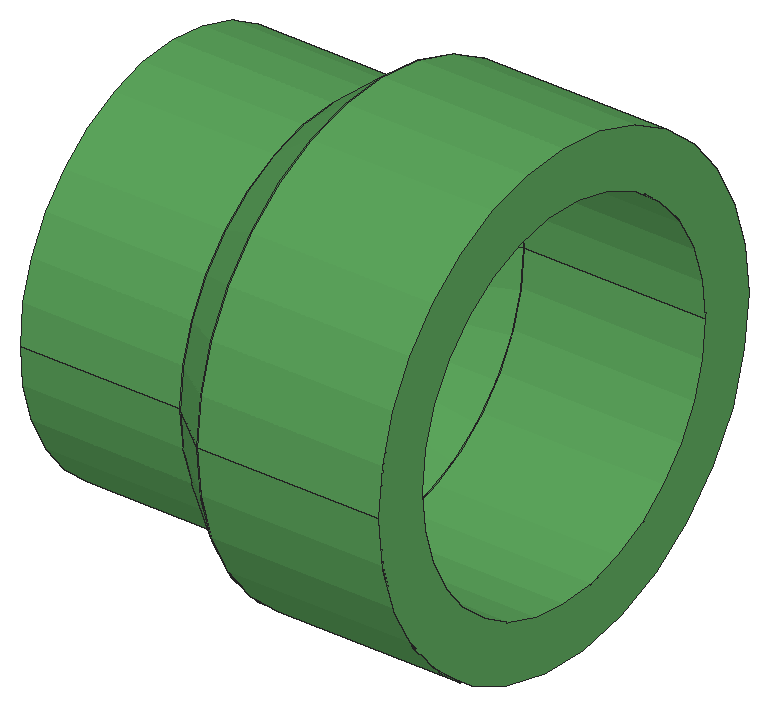
Revit family "Aquatherm_Переходная муфта внутр._внутр", category Соединительные детали трубопроводов, Revit 2019
Family settings
  Размер круглого соединителя = Использовать диаметр
  Тип детали = Переход
  На основе рабочей плоскости = Нет
  Всегда вертикально = Да
  При загрузке вырезать с полостями = Нет
  Общий = Нет
Parameters (values of type "SDR 9")
  Материал_Корпус = AquaTherm green pipe
  z [instance] = size_lookup("Переходная муфта внутр._внутр.", "z", 10 mm, d, d1)  # 5.5 mm
  l1 [instance] = if(d < d1, L - l - z, l)  # 18 mm
  l [instance] = size_lookup("Переходная муфта внутр._внутр.", "l", 25 mm, d, d1)  # 20.5 mm
  URL = "www.agpipe.ru"
  SDR = 9 mm
  L [instance] = size_lookup("Переходная муфта внутр._внутр.", "L", 50 mm, d, d1)  # 44 mm
  d1 [instance] = 40 mm
  d [instance] = 32 mm
  D1 [instance] = size_lookup("Переходная муфта внутр._внутр.", "D1", d1 + 12 mm, d, d1)  # 52 mm
  D [instance] = size_lookup("Переходная муфта внутр._внутр.", "D", d + 12 mm, d, d1)  # 43 mm
  ADSK_Примечание = ""
  ADSK_Позиция [instance] = ""
  ADSK_Обозначение = ""
  ADSK_Наименование [instance] = size_lookup("Переходная муфта внутр._внутр.", "ADSK_Наименование", "Нет в каталоге", d, d1)  # "Переходная муфта внутр. DN32/ внутр. DN40"
  ADSK_Масса_Текст [instance] = size_lookup("Переходная муфта внутр._внутр.", "ADSK_Масса_Текст", "Нет в каталоге", d, d1)  # "0.035"
  ADSK_Код изделия [instance] = size_lookup("Переходная муфта внутр._внутр.", "ADSK_Код изделия", "Нет в каталоге", d, d1)  # "11222"
  ADSK_Завод-изготовитель = "Aquatherm"  # constant formula
  ADSK_Единица измерения = "шт."  # constant formula
Types (6, lengths in mm): name | SDR
  (no name) | 9
  SDR 6 | 6
  SDR 7.4 | 7.4
  SDR 9 | 9
  SDR 11 | 11
  SDR 17.6 | 17.6
Reference planes
  plane 1 "По центру (Вперед/Назад)": y = 0
  plane 2: z = 0
  plane 3 "По центру (Влево/Вправо)": x = 0
  plane 4: z = -2
  plane 5: x = -22
  plane 6: x = 22
  plane 7: x = -4
  plane 8: x = 1.5
Forms (mm)
  Extrusion 1, solid, material "AquaTherm green pipe" <- "Материал_Корпус"
    sketch origin (0, 0, 0) x (0, 1, 0) y (0, 0, 1)
      loop
        circle (0, 0) r 21.5
      loop
        circle (0, 0) r 16
    from -22 to -4
  Extrusion 2, solid, material "AquaTherm green pipe" <- "Материал_Корпус"
    sketch origin (0, 0, 0) x (0, 1, 0) y (0, 0, 1)
      loop
        circle (0, 0) r 26
      loop
        circle (0, 0) r 20
    from 1.5 to 22
  Blend 3, solid, material "AquaTherm green pipe" <- "Материал_Корпус"
    base sketch origin (0, 0, 0) x (0, 1, 0) y (0, 0, 1)
      loop
        circle (0, 0) r 21.5
    top sketch origin (0, 0, 0) x (0, 1, 0) y (0, 0, 1)
      loop
        circle (0, 0) r 26
    from -4 to 1.5
  Blend 4, void
    base sketch origin (0, 0, 0) x (0, 1, 0) y (0, 0, 1)
      loop
        circle (0, 0) r 16
    top sketch origin (0, 0, 0) x (0, 1, 0) y (0, 0, 1)
      loop
        circle (0, 0) r 20
    from -4 to 1.5
Cuts and joins
  Blend 4 cuts Extrusion 2
  Blend 4 cuts Blend 3
Lines and regions (mm)
  reference lines
    curve 1: line (-4, 0, 0) -> (1.5, 0, 0)
Dimensions and locks
  locked: level to plane 4 at 2
  equal spacing: plane 5, plane 3 "По центру (Влево/Вправо)", plane 6
  "L": plane 5 to plane 6
  "l1": plane 5 to plane 7
  "z": plane 7 to plane 8
  "D": diameter of Extrusion 1 sketch curve
  "d": diameter of Extrusion 1 sketch curve
  "d1": diameter of Extrusion 2 sketch curve
  "D1": diameter of Extrusion 2 sketch curve
  "D": diameter of Blend 3 sketch curve
  "D1": diameter of Blend 3 sketch curve
  "d": diameter of Blend 4 sketch curve
  "d1": diameter of Blend 4 sketch curve
  aligned and locked: level to plane 2
  aligned and locked: plane 7 to curve 1
  aligned and locked: plane 8 to curve 1
  aligned and locked: Extrusion 1 to plane 5
  aligned and locked: plane 7 to Extrusion 1
  aligned and locked: Extrusion 2 to plane 6
  aligned and locked: Extrusion 2 to plane 8
  aligned and locked: Blend 3 to plane 7
  aligned and locked: plane 8 to Blend 3
  aligned and locked: Blend 4 to plane 7
  aligned and locked: plane 8 to Blend 4
Automatic sketch dimensions
  plane 1 "По центру (Вперед/Назад)" to curve 1 = 0 mm
  Extrusion 1 sketch curve to Extrusion 1 sketch curve = 0 mm  (x2)
  Extrusion 1 sketch curve to level = 0 mm
  Extrusion 1 sketch curve to plane 1 "По центру (Вперед/Назад)" = 0 mm
  Extrusion 2 sketch curve to Extrusion 2 sketch curve = 0 mm  (x2)
  Extrusion 2 sketch curve to level = 0 mm
  Extrusion 2 sketch curve to plane 1 "По центру (Вперед/Назад)" = 0 mm
  Blend 3 sketch curve to level = 0 mm  (x2)
  Blend 3 sketch curve to plane 1 "По центру (Вперед/Назад)" = 0 mm  (x2)
  Blend 4 sketch curve to level = 0 mm  (x2)
  Blend 4 sketch curve to plane 1 "По центру (Вперед/Назад)" = 0 mm  (x2)
Connectors
  piping at (-4, 0, 0), diameter 32, driven by "d"
    settings: on curve 1, index 1, connector inside diameter 609.6 mm, connector length 0 mm, flow factor 0, pipe flow 0.0 L/s, pressure drop 0.0 Pa, fitting loss kfactor 0, connector angle 0.00°, fixture units 0, engagement length 0 mm, angle of deflection 0.00°, flow configuration 0, flow direction 0, fitting loss method 0, system type 28, joint type 0, gender type 0, connector reference index 2, connector utility 0, adjustable connector no, is connector primary yes, connector description ""
  piping at (1.5, 0, 0), diameter 40, driven by "d1"
    settings: on curve 1, index 2, connector inside diameter 609.6 mm, connector length 0 mm, flow factor 0, pipe flow 0.0 L/s, pressure drop 0.0 Pa, fitting loss kfactor 0, connector angle 0.00°, fixture units 0, engagement length 0 mm, angle of deflection 0.00°, flow configuration 0, flow direction 0, fitting loss method 0, system type 28, joint type 0, gender type 0, connector reference index 1, connector utility 0, adjustable connector no, is connector primary no, connector description ""
